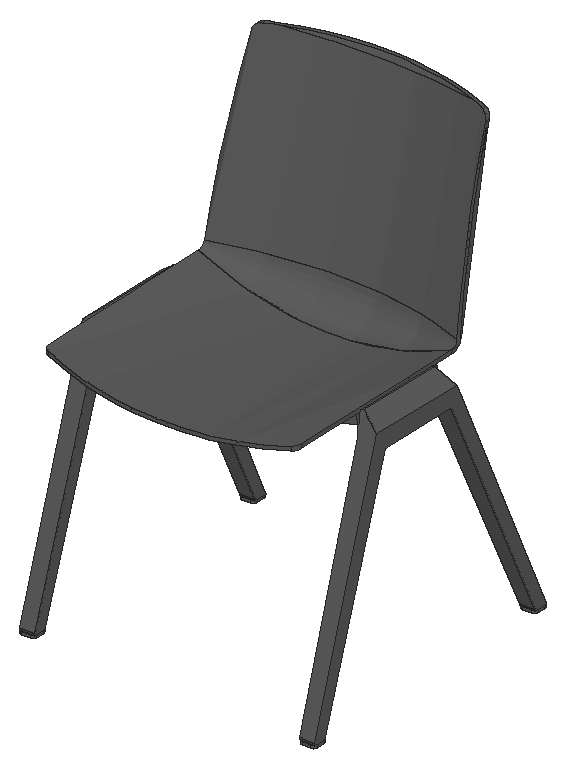
Revit family "Magnuson-Joule-Outdoor_Seating", category Furniture, Revit 2014
Parameters (values of type "Joule")
  Width = 21"
  URL = "www.magnusongroup.com"
  Type Comments = "JOULE"  # constant formula
  Seat Finish = MAG - Plastic Black
  Salvage or Reuse = yes
  Percentage of Recycled Content = 0
  Model = "Joule"
  Manufacturer = "MAGNUSON"  # constant formula
  Low Emitting Material = yes
  Low Emitting Finish = yes
  Keynote = "12500"
  Height = 31 3/4"
  Glide Finish = MAG - Plastic Black
  Description = "Outdoor Seating"
  Depth = 20"
  Base Finish = MAG - Plastic Black
  Assembly Code = "E2020200"
Reference planes (in)
  plane 1 "Center Front/Back": y = 0
  plane 2: z = 0
  plane 3 "Center Left/Right": x = 0
  plane 4: x = -10.34494
  plane 5: x = 10.34494
  plane 6: y = 10.54488
  plane 7: y = -10.54488
  plane 8: z = 31.24238
  plane 9: y = 3.97707
  plane 10: through (0, 33.01978, 43.05699) normal (0, 0.3453, 0.9385)
Forms (in)
  Sweep 1, solid, material "MAG - Plastic Black" <- "Seat Finish"
    path origin (0, 0, 0) x (0, 1, 0) y (0, 0, 1)
      loop
        line (11.14429, 34.03905) -> (9.93575, 30.75433)
        arc (9.93575, 30.75433) -> (8.05296, 24.6913) -> (6.80306, 18.46692) r 61.7103
        arc (6.80306, 18.46692) -> (5.8794, 16.7871) -> (4.0826, 16.11893) r 2.75
    profile origin (0, 10.54002, 32.39669) x (0, 0.938493, -0.345298) y (1, 0, 0)
      loop
        line (-2.05532, 8.99451) -> (-2.33219, 8.99451)
        arc (-2.33219, 8.99451) -> (-0.28752, 0) -> (-2.33219, -8.99451) r 20.80578
        line (-2.33219, -8.99451) -> (-2.05532, -8.99451)
        arc (-2.05532, -8.99451) -> (-0.03752, 0) -> (-2.05532, 8.99451) r 21.05578
  Blend 2, solid, material "MAG - Plastic Black" <- "Seat Finish"
    base sketch origin (0, 0, 0) x (1, 0, 0) y (0, 0, 1)
      loop
        arc (-8.99451, 18.17425) -> (0, 16.15645) -> (8.99451, 18.17425) r 21.05578
        line (8.99451, 18.17425) -> (8.99451, 18.45111)
        arc (8.99451, 18.45111) -> (0, 16.40645) -> (-8.99451, 18.45111) r 20.80578
        line (-8.99451, 18.45111) -> (-8.99451, 18.17425)
    top sketch origin (0, 0, 0) x (1, 0, 0) y (0, 0, 1)
      loop
        arc (-8.99451, 17.96342) -> (0, 17.18337) -> (8.99451, 17.96342) r 52.24657
        line (8.99451, 17.96342) -> (8.99451, 18.21722)
        arc (8.99451, 18.21722) -> (0, 17.43337) -> (-8.99451, 18.21722) r 51.99657
        line (-8.99451, 18.21722) -> (-8.99451, 17.96342)
    from -4.0826 to 12
  Extrusion 3, void
    sketch origin (0, 0, 0) x (1, 0, 0) y (0, 0, 1)
      loop
        line (-8.84999, 15.6965) -> (-8.84999, 18.3374) -> (-8.16704, 30.7391)
        arc (-8.16704, 30.7391) -> (-8.01295, 31.07337) -> (-7.67181, 31.21159) r 0.5
        arc (-7.67181, 31.21159) -> (0, 31.24238) -> (7.67181, 31.21159) r 955.86472
        arc (7.67181, 31.21159) -> (8.01295, 31.07337) -> (8.16704, 30.7391) r 0.5
        line (8.16704, 30.7391) -> (8.84999, 18.3374) -> (8.84999, 15.6965) -> (9.50355, 15.6965) -> (9.50355, 35.09952) -> (-9.50355, 35.09952) -> (-9.50355, 15.6965) -> (-8.84999, 15.6965)
    from -11.42665 to 12.25
  Extrusion 4, void
    sketch origin (0, 0, 0) x (1, 0, 0) y (0, 1, 0)
      loop
        arc (-8.45505, -9.47345) -> (-8.73357, -9.29416) -> (-8.84999, -8.98406) r 0.52673
        line (-8.84999, -8.98406) -> (-8.84999, -12.23406) -> (8.84999, -12.23406) -> (8.84999, -8.98406)
        arc (8.84999, -8.98406) -> (8.73357, -9.29416) -> (8.45505, -9.47345) r 0.52673
        arc (8.45505, -9.47345) -> (0, -10.54488) -> (-8.45505, -9.47345) r 33.89669
    from 16.71246 to 18.57479
  Extrusion 5, solid, material "MAG - Plastic Black" <- "Base Finish"
    sketch origin (0, 0, 0) x (1, 0, 0) y (0, 0, 1)
      loop
        line (-9.09113, 18.19263) -> (-10.29359, 17.25316) -> (-10.29359, 0.158) -> (-9.27238, 0.158) -> (-9.07442, 16.67633) -> (-8.84999, 17.97028) -> (-8.8994, 18.15471) -> (-9.09113, 18.19263)
      loop
        line (9.09113, 18.19263) -> (8.8994, 18.15471) -> (8.84999, 17.97028) -> (9.07442, 16.67633) -> (9.27238, 0.158) -> (10.29359, 0.158) -> (10.29359, 17.25316) -> (9.09113, 18.19263)
    from -10.54488 to 9.84715
  Extrusion 6, void
    sketch origin (0, 0, 0) x (0, 1, 0) y (0, 0, 1)
      loop
        arc (10.43848, 0.25799) -> (10.45974, 0.16257) -> (10.44056, 0.0667) r 0.23632
        line (10.44056, 0.0667) -> (10.44056, -0.1231) -> (10.85044, -0.1231) -> (10.85044, 18.6269) -> (-10.14956, 18.6269) -> (-10.14956, -0.1231) -> (-9.62319, -0.1231) -> (-9.62319, 0.12494)
        arc (-9.62319, 0.12494) -> (-9.68121, 0.20685) -> (-9.68103, 0.30723) r 0.16501
        line (-9.68103, 0.30723) -> (-3.93602, 18.19263) -> (2.26524, 18.19263) -> (10.43848, 0.25799)
      loop
        line (-3.5938, 16.07042) -> (-8.80336, 0.27851)
        arc (-8.80336, 0.27851) -> (-8.86615, 0.18454) -> (-8.96835, 0.13629) r 0.21158
        line (-8.96835, 0.13629) -> (-8.96835, -0.1231) -> (9.70485, -0.1231) -> (9.70485, 0.11936)
        arc (9.70485, 0.11936) -> (9.57866, 0.15338) -> (9.49196, 0.25118) r 0.22769
        line (9.49196, 0.25118) -> (2.1562, 16.07042) -> (-3.5938, 16.07042)
    from -11.7558 to 12
  Blend 7, solid, material "MAG - Plastic Black" <- "Base Finish"
    base sketch origin (0, 0, 0) x (1, 0, 0) y (0, 0, 1)
      loop
        arc (8.78385, 18.35157) -> (0, 16.16013) -> (-8.78385, 18.35157) r 18.69971
        line (-8.78385, 18.35157) -> (-9.00469, 17.07835)
        arc (-9.00469, 17.07835) -> (0, 15.15645) -> (9.00469, 17.07835) r 22.05578
        line (9.00469, 17.07835) -> (8.78385, 18.35157)
    top sketch origin (0, 0, 0) x (1, 0, 0) y (0, 0, 1)
      loop
        arc (8.87396, 17.83206) -> (-0.00092, 17.0584) -> (-8.87761, 17.81104) r 51.99657
        line (-8.87761, 17.81104) -> (-8.94479, 17.42367)
        arc (-8.94479, 17.42367) -> (-0.00099, 16.67849) -> (8.94092, 17.44601) r 53.24657
        line (8.94092, 17.44601) -> (8.87396, 17.83206)
    from -5.50599 to 7.39155
  Extrusion 8, void
    sketch origin (0, 0, 0) x (1, 0, 0) y (0, 1, 0)
      loop
        arc (-9.5756, 2.33161) -> (0, 4.75965) -> (9.5756, 2.33161) r 20.09599
        line (9.5756, 2.33161) -> (9.5756, 5.83161) -> (-9.5756, 5.83161) -> (-9.5756, 2.33161)
      loop
        line (-9.5756, -4.19633) -> (-9.5756, -7.91532) -> (9.5756, -7.91532) -> (9.5756, -4.19633) -> (5.81721, -4.3933) -> (5.7527, -6.24051)
        arc (5.7527, -6.24051) -> (5.62969, -6.55186) -> (5.33781, -6.71581) r 0.5
        arc (5.33781, -6.71581) -> (0, -7.17176) -> (-5.33781, -6.71581) r 31.47316
        arc (-5.33781, -6.71581) -> (-5.62969, -6.55186) -> (-5.7527, -6.24051) r 0.5
        line (-5.7527, -6.24051) -> (-5.81721, -4.3933) -> (-9.5756, -4.19633)
    from 13.55801 to 19.2228
  Extrusion 9, solid, material "MAG - Plastic Black" <- "Glide Finish"
    sketch origin (0, 0, 0) x (1, 0, 0) y (0, 1, 0)
      loop
        line (-10.34494, 10.29488) -> (-10.34494, 9.7154)
        arc (-10.34494, 9.7154) -> (-10.27172, 9.53863) -> (-10.09494, 9.4654) r 0.25
        line (-10.09494, 9.4654) -> (-9.49828, 9.4654)
        arc (-9.49828, 9.4654) -> (-9.32151, 9.53863) -> (-9.24828, 9.7154) r 0.25
        line (-9.24828, 9.7154) -> (-9.24828, 10.29488)
        arc (-9.24828, 10.29488) -> (-9.32151, 10.47166) -> (-9.49828, 10.54488) r 0.25
        line (-9.49828, 10.54488) -> (-10.09494, 10.54488)
        arc (-10.09494, 10.54488) -> (-10.27172, 10.47166) -> (-10.34494, 10.29488) r 0.25
      loop
        arc (10.34494, 10.29488) -> (10.27172, 10.47166) -> (10.09494, 10.54488) r 0.25
        line (10.09494, 10.54488) -> (9.49828, 10.54488)
        arc (9.49828, 10.54488) -> (9.32151, 10.47166) -> (9.24828, 10.29488) r 0.25
        line (9.24828, 10.29488) -> (9.24828, 9.7154)
        arc (9.24828, 9.7154) -> (9.32151, 9.53863) -> (9.49828, 9.4654) r 0.25
        line (9.49828, 9.4654) -> (10.09494, 9.4654)
        arc (10.09494, 9.4654) -> (10.27172, 9.53863) -> (10.34494, 9.7154) r 0.25
        line (10.34494, 9.7154) -> (10.34494, 10.29488)
      loop
        line (-10.34494, -8.93273) -> (-10.34494, -9.51222)
        arc (-10.34494, -9.51222) -> (-10.27172, -9.68899) -> (-10.09494, -9.76222) r 0.25
        line (-10.09494, -9.76222) -> (-9.49828, -9.76222)
        arc (-9.49828, -9.76222) -> (-9.32151, -9.68899) -> (-9.24828, -9.51222) r 0.25
        line (-9.24828, -9.51222) -> (-9.24828, -8.93273)
        arc (-9.24828, -8.93273) -> (-9.32151, -8.75596) -> (-9.49828, -8.68273) r 0.25
        line (-9.49828, -8.68273) -> (-10.09494, -8.68273)
        arc (-10.09494, -8.68273) -> (-10.27172, -8.75596) -> (-10.34494, -8.93273) r 0.25
      loop
        arc (10.34494, -8.93273) -> (10.27172, -8.75596) -> (10.09494, -8.68273) r 0.25
        line (10.09494, -8.68273) -> (9.49828, -8.68273)
        arc (9.49828, -8.68273) -> (9.32151, -8.75596) -> (9.24828, -8.93273) r 0.25
        line (9.24828, -8.93273) -> (9.24828, -9.51222)
        arc (9.24828, -9.51222) -> (9.32151, -9.68899) -> (9.49828, -9.76222) r 0.25
        line (9.49828, -9.76222) -> (10.09494, -9.76222)
        arc (10.09494, -9.76222) -> (10.27172, -9.68899) -> (10.34494, -9.51222) r 0.25
        line (10.34494, -9.51222) -> (10.34494, -8.93273)
    from 0 to 0.158
Cuts and joins
  Extrusion 3 cuts Sweep 1
  Extrusion 3, Extrusion 4 cuts Blend 2
  Extrusion 6 cuts Extrusion 5
  Extrusion 8 cuts Blend 7
Lines and regions (in)
  symbolic lines
    curve 1: spline (-7.27214, 8.68372, 0) -> (-6.10474, 9.10517, 0) -> (-4.91312, 9.45229, 0) -> (-3.702, 9.72372, 0) -> (-2.47619, 9.91836, 0) -> (-1.24056, 10.03546, 0) -> (0, 10.07454, 0) -> (1.24056, 10.03546, 0) -> (2.47619, 9.91836, 0) -> (3.702, 9.72372, 0) -> (4.91312, 9.45229, 0) -> (6.10474, 9.10517, 0) -> (7.27214, 8.68372, 0)
    curve 2: spline (-7.67265, 8.52145, 0) -> (-7.63943, 8.53535, 0) -> (-7.60619, 8.5492, 0) -> (-7.57292, 8.563, 0) -> (-7.53963, 8.57673, 0) -> (-7.50631, 8.5904, 0) -> (-7.47297, 8.60401, 0) -> (-7.43961, 8.61757, 0) -> (-7.40622, 8.63107, 0) -> (-7.37281, 8.6445, 0) -> (-7.33938, 8.65788, 0) -> (-7.30592, 8.6712, 0) -> (-7.27243, 8.68446, 0)
    curve 3: spline (-8.1662, 8.14289, 0) -> (-8.15587, 8.17014, 0) -> (-8.13872, 8.19942, 0) -> (-8.11497, 8.23038, 0) -> (-8.08489, 8.26267, 0) -> (-8.04884, 8.29589, 0) -> (-8.00725, 8.32965, 0) -> (-7.96061, 8.36356, 0) -> (-7.90947, 8.39722, 0) -> (-7.85443, 8.43022, 0) -> (-7.79615, 8.46217, 0) -> (-7.73532, 8.4927, 0) -> (-7.67265, 8.52145, 0)
    curve 4: spline (7.27243, 8.68446, 0) -> (7.30596, 8.67118, 0) -> (7.33947, 8.65784, 0) -> (7.37295, 8.64445, 0) -> (7.4064, 8.63099, 0) -> (7.43984, 8.61748, 0) -> (7.47325, 8.6039, 0) -> (7.50663, 8.59027, 0) -> (7.53999, 8.57658, 0) -> (7.57333, 8.56283, 0) -> (7.60664, 8.54902, 0) -> (7.63992, 8.53515, 0) -> (7.67319, 8.52122, 0)
    curve 5: spline (7.67319, 8.52122, 0) -> (7.73586, 8.49281, 0) -> (7.79667, 8.46258, 0) -> (7.85492, 8.43088, 0) -> (7.90991, 8.39809, 0) -> (7.96099, 8.36459, 0) -> (8.00757, 8.33078, 0) -> (8.0491, 8.29705, 0) -> (8.08508, 8.26381, 0) -> (8.11509, 8.23144, 0) -> (8.13877, 8.20033, 0) -> (8.15586, 8.17085, 0) -> (8.16614, 8.14333, 0)
    curve 6: spline (8.16614, 8.14333, 0) -> (8.21974, 7.78095, 0) -> (8.27366, 7.43425, 0) -> (8.32788, 7.10331, 0) -> (8.38238, 6.78823, 0) -> (8.43715, 6.48909, 0) -> (8.49218, 6.20596, 0) -> (8.54745, 5.93892, 0) -> (8.60295, 5.68803, 0) -> (8.65867, 5.45336, 0) -> (8.71458, 5.23497, 0) -> (8.77068, 5.03291, 0) -> (8.82695, 4.84724, 0)
    curve 7: spline (-8.82695, 4.84724, 0) -> (-8.77069, 5.03289, 0) -> (-8.71459, 5.23493, 0) -> (-8.65868, 5.45329, 0) -> (-8.60298, 5.68793, 0) -> (-8.54748, 5.93879, 0) -> (-8.49222, 6.2058, 0) -> (-8.43719, 6.48889, 0) -> (-8.38242, 6.78799, 0) -> (-8.32793, 7.10302, 0) -> (-8.27372, 7.43391, 0) -> (-8.2198, 7.78056, 0) -> (-8.1662, 8.14289, 0)
    curve 8: spline (-8.16603, 7.85585, 0) -> (-8.21948, 7.49573, 0) -> (-8.27324, 7.15113, 0) -> (-8.3273, 6.82212, 0) -> (-8.38163, 6.5088, 0) -> (-8.43624, 6.21123, 0) -> (-8.49109, 5.92951, 0) -> (-8.54619, 5.66369, 0) -> (-8.60151, 5.41384, 0) -> (-8.65704, 5.18004, 0) -> (-8.71277, 4.96233, 0) -> (-8.76868, 4.76078, 0) -> (-8.82477, 4.57543, 0)
    curve 9: spline (-7.67298, 8.23517, 0) -> (-7.73539, 8.20637, 0) -> (-7.79598, 8.1758, 0) -> (-7.85404, 8.14382, 0) -> (-7.90888, 8.11079, 0) -> (-7.95986, 8.07711, 0) -> (-8.0064, 8.04316, 0) -> (-8.04793, 8.00935, 0) -> (-8.08399, 7.97607, 0) -> (-8.11414, 7.94371, 0) -> (-8.13804, 7.91265, 0) -> (-8.15541, 7.88325, 0) -> (-8.16603, 7.85585, 0)
    curve 10: spline (-5.73405, 8.94435, 0) -> (-5.89832, 8.89292, 0) -> (-6.06213, 8.84009, 0) -> (-6.22548, 8.78585, 0) -> (-6.38836, 8.73021, 0) -> (-6.55076, 8.67317, 0) -> (-6.71266, 8.61474, 0) -> (-6.87405, 8.55493, 0) -> (-7.03492, 8.49372, 0) -> (-7.19527, 8.43114, 0) -> (-7.35506, 8.36719, 0) -> (-7.5143, 8.30186, 0) -> (-7.67298, 8.23517, 0)
    curve 11: spline (5.7344, 8.94431, 0) -> (4.80064, 9.20696, 0) -> (3.85494, 9.42275, 0) -> (2.89967, 9.59115, 0) -> (1.93718, 9.71174, 0) -> (0.96988, 9.78422, 0) -> (0.00017, 9.8084, 0) -> (-0.96954, 9.78423, 0) -> (-1.93684, 9.71178, 0) -> (-2.89933, 9.5912, 0) -> (-3.85461, 9.42282, 0) -> (-4.80031, 9.20705, 0) -> (-5.73408, 8.94441, 0)
    curve 12: spline (7.67171, 8.23571, 0) -> (7.51317, 8.30233, 0) -> (7.35405, 8.3676, 0) -> (7.19439, 8.43149, 0) -> (7.03417, 8.49401, 0) -> (6.87343, 8.55516, 0) -> (6.71217, 8.61492, 0) -> (6.55041, 8.6733, 0) -> (6.38814, 8.73029, 0) -> (6.2254, 8.78588, 0) -> (6.06218, 8.84007, 0) -> (5.8985, 8.89286, 0) -> (5.73438, 8.94425, 0)
    curve 13: spline (8.16617, 7.85492, 0) -> (8.15569, 7.88222, 0) -> (8.13841, 7.91158, 0) -> (8.11454, 7.94266, 0) -> (8.08435, 7.97508, 0) -> (8.04821, 8.00847, 0) -> (8.00653, 8.04242, 0) -> (7.95982, 8.07654, 0) -> (7.90862, 8.11042, 0) -> (7.85354, 8.14366, 0) -> (7.79523, 8.17588, 0) -> (7.73438, 8.20668, 0) -> (7.67171, 8.23571, 0)
    curve 14: spline (8.82477, 4.57543, 0) -> (8.7687, 4.76074, 0) -> (8.71279, 4.96224, 0) -> (8.65708, 5.17989, 0) -> (8.60156, 5.41364, 0) -> (8.54625, 5.66341, 0) -> (8.49116, 5.92916, 0) -> (8.43632, 6.2108, 0) -> (8.38173, 6.50828, 0) -> (8.3274, 6.82151, 0) -> (8.27336, 7.15041, 0) -> (8.21961, 7.49491, 0) -> (8.16617, 7.85492, 0)
    curve 15: spline (8.84757, 4.0826, 0) -> (8.84738, 4.14079, 0) -> (8.84682, 4.19819, 0) -> (8.8459, 4.25401, 0) -> (8.84462, 4.30751, 0) -> (8.84302, 4.35795, 0) -> (8.8411, 4.40465, 0) -> (8.83889, 4.44698, 0) -> (8.83643, 4.48436, 0) -> (8.83375, 4.51628, 0) -> (8.83088, 4.54233, 0) -> (8.82787, 4.56213, 0) -> (8.82475, 4.57542, 0)
    curve 16: spline (8.82694, 4.84724, 0) -> (8.8291, 4.8394, 0) -> (8.83123, 4.82956, 0) -> (8.83333, 4.81774, 0) -> (8.8354, 4.80396, 0) -> (8.83742, 4.78828, 0) -> (8.8394, 4.77072, 0) -> (8.84132, 4.75134, 0) -> (8.84319, 4.73019, 0) -> (8.84499, 4.70731, 0) -> (8.84673, 4.68278, 0) -> (8.8484, 4.65666, 0) -> (8.84999, 4.62902, 0)
    curve 17: line (8.84999, 4.62902, 0) -> (8.84999, 4.0826, 0)
    curve 18: spline (-8.84999, 4.62902, 0) -> (-8.8484, 4.65666, 0) -> (-8.84673, 4.68278, 0) -> (-8.84499, 4.70731, 0) -> (-8.84319, 4.73019, 0) -> (-8.84132, 4.75134, 0) -> (-8.8394, 4.77072, 0) -> (-8.83742, 4.78828, 0) -> (-8.8354, 4.80396, 0) -> (-8.83333, 4.81774, 0) -> (-8.83123, 4.82956, 0) -> (-8.8291, 4.8394, 0) -> (-8.82694, 4.84724, 0)
    curve 19: line (-8.84999, 4.0826, 0) -> (-8.84999, 4.62902, 0)
    curve 20: spline (-8.82475, 4.57542, 0) -> (-8.82787, 4.56212, 0) -> (-8.83089, 4.5423, 0) -> (-8.83376, 4.51624, 0) -> (-8.83644, 4.48428, 0) -> (-8.8389, 4.44687, 0) -> (-8.8411, 4.4045, 0) -> (-8.84302, 4.35776, 0) -> (-8.84463, 4.30728, 0) -> (-8.8459, 4.25374, 0) -> (-8.84682, 4.19788, 0) -> (-8.84738, 4.14044, 0) -> (-8.84757, 4.08222, 0)
    curve 21: line (-8.84757, 4.08222, 0) -> (-8.84757, -9.01786, 0)
    curve 22: line (8.84999, 4.0826, 0) -> (8.84999, -8.98406, 0)
    curve 23: arc (8.45505, -9.47345, 0) -> (0, -10.54488, 0) -> (-8.45505, -9.47345, 0) r 33.89669
    curve 24: arc (8.84999, -8.98406, 0) -> (8.73357, -9.29416, 0) -> (8.45505, -9.47345, 0) r 0.52673
    curve 25: arc (-8.45505, -9.47345, 0) -> (-8.72272, -9.30718, 0) -> (-8.84757, -9.01786, 0) r 0.52673
    curve 26: line (-10.29359, 10.45975, 0) -> (-9.27174, 10.45975, 0)
    curve 27: line (-9.27174, 10.45975, 0) -> (-9.07442, 2.95626, 0)
    curve 28: line (-9.07442, 2.95626, 0) -> (-8.84999, 2.36658, 0)
    curve 29: line (-8.84999, 2.36658, 0) -> (-8.8994, 2.28253, 0)
    curve 30: line (-8.8994, 2.28253, 0) -> (-9.09113, 2.26524, 0)
    curve 31: line (-9.09113, 2.26524, 0) -> (-10.29359, 2.69338, 0)
    curve 32: line (-10.29359, 10.45975, 0) -> (-10.29359, -9.68894, 0)
    curve 33: line (-10.29359, -4.23779, 0) -> (-9.09113, -3.93602, 0)
    curve 34: line (-9.09113, 2.26524, 0) -> (-9.09113, -3.93602, 0)
    curve 35: line (-9.09113, -3.93602, 0) -> (-8.8994, -3.9482, 0)
    curve 36: line (-8.8994, -3.9482, 0) -> (-8.84999, -4.00744, 0)
    curve 37: line (-8.84999, -4.00744, 0) -> (-9.07442, -4.42308, 0)
    curve 38: line (-9.07442, -4.42308, 0) -> (-9.27089, -9.68894, 0)
    curve 39: line (-10.29359, -9.68894, 0) -> (-9.27089, -9.68894, 0)
    curve 40: line (-10.09494, -9.76222, 0) -> (-9.49828, -9.76222, 0)
    curve 41: arc (-10.34494, -9.51222, 0) -> (-10.27172, -9.68899, 0) -> (-10.09494, -9.76222, 0) r 0.25
    curve 42: arc (-10.29359, -8.78095, 0) -> (-10.33176, -8.85262, 0) -> (-10.34494, -8.93273, 0) r 0.25
    curve 43: arc (-9.49828, -9.76222, 0) -> (-9.40258, -9.74317, 0) -> (-9.32145, -9.68894, 0) r 0.25
    curve 44: arc (-9.26792, -9.60933, 0) -> (-9.25324, -9.56176, 0) -> (-9.24828, -9.51222, 0) r 0.25
    curve 45: line (-9.24828, -9.51222, 0) -> (-9.24828, -9.08306, 0)
    curve 46: arc (-10.09494, 10.54488, 0) -> (-10.1981, 10.52261, 0) -> (-10.28288, 10.45975, 0) r 0.25
    curve 47: line (-9.49828, 10.54488, 0) -> (-10.09494, 10.54488, 0)
    curve 48: arc (-9.31034, 10.45975, 0) -> (-9.39512, 10.52261, 0) -> (-9.49828, 10.54488, 0) r 0.25
    curve 49: arc (-9.24828, 10.29488, 0) -> (-9.2538, 10.3471, 0) -> (-9.27009, 10.39701, 0) r 0.25
    curve 50: line (-9.24828, 9.7154, 0) -> (-9.24828, 10.29488, 0)
    curve 51: arc (-10.29359, 10.44667, 0) -> (-10.33176, 10.375, 0) -> (-10.34494, 10.29488, 0) r 0.25
    curve 52: line (-10.34494, 10.29488, 0) -> (-10.34494, 9.7154, 0)
    curve 53: arc (-10.34494, 9.7154, 0) -> (-10.33176, 9.63528, 0) -> (-10.29359, 9.56362, 0) r 0.25
    curve 54: line (10.29359, -9.68894, 0) -> (10.29359, 10.45975, 0)
    curve 55: line (9.09113, -3.93602, 0) -> (10.29359, -4.23779, 0)
    curve 56: line (8.8994, -3.9482, 0) -> (9.09113, -3.93602, 0)
    curve 57: line (8.84999, -4.00744, 0) -> (8.8994, -3.9482, 0)
    curve 58: line (9.07442, -4.42308, 0) -> (8.84999, -4.00744, 0)
    curve 59: line (9.27059, -9.68103, 0) -> (9.07442, -4.42308, 0)
    curve 60: line (9.09113, 2.26524, 0) -> (9.09113, -3.93602, 0)
    curve 61: line (8.8994, 2.28253, 0) -> (8.84999, 2.36658, 0)
    curve 62: line (10.29359, 2.69338, 0) -> (9.09113, 2.26524, 0)
    curve 63: line (9.09113, 2.26524, 0) -> (8.8994, 2.28253, 0)
    curve 64: line (8.84999, 2.36658, 0) -> (9.07442, 2.95626, 0)
    curve 65: line (9.07442, 2.95626, 0) -> (9.27118, 10.43848, 0)
    curve 66: line (9.27238, 10.45975, 0) -> (10.29359, 10.45975, 0)
    curve 67: line (9.26483, -9.68894, 0) -> (10.29359, -9.68894, 0)
    curve 68: line (9.24828, 10.29488, 0) -> (9.24828, 9.7154, 0)
    curve 69: arc (9.27009, 10.39701, 0) -> (9.2538, 10.3471, 0) -> (9.24828, 10.29488, 0) r 0.25
    curve 70: arc (9.49828, 10.54488, 0) -> (9.39512, 10.52261, 0) -> (9.31034, 10.45975, 0) r 0.25
    curve 71: line (10.09494, 10.54488, 0) -> (9.49828, 10.54488, 0)
    curve 72: arc (10.28288, 10.45975, 0) -> (10.1981, 10.52261, 0) -> (10.09494, 10.54488, 0) r 0.25
    curve 73: arc (10.34494, 10.29488, 0) -> (10.33176, 10.375, 0) -> (10.29359, 10.44667, 0) r 0.25
    curve 74: line (10.34494, 9.7154, 0) -> (10.34494, 10.29488, 0)
    curve 75: arc (10.29359, 9.56362, 0) -> (10.33176, 9.63528, 0) -> (10.34494, 9.7154, 0) r 0.25
    curve 76: arc (9.32145, -9.68894, 0) -> (9.40258, -9.74317, 0) -> (9.49828, -9.76222, 0) r 0.25
    curve 77: line (9.49828, -9.76222, 0) -> (10.09494, -9.76222, 0)
    curve 78: arc (10.09494, -9.76222, 0) -> (10.19065, -9.74317, 0) -> (10.27177, -9.68894, 0) r 0.25
    curve 79: arc (10.29359, -9.664, 0) -> (10.33176, -9.59233, 0) -> (10.34494, -9.51222, 0) r 0.25
    curve 80: line (10.34494, -9.51222, 0) -> (10.34494, -8.93273, 0)
    curve 81: arc (10.34494, -8.93273, 0) -> (10.33176, -8.85262, 0) -> (10.29359, -8.78095, 0) r 0.25
    curve 82: arc (9.24828, -9.51222, 0) -> (9.25324, -9.56176, 0) -> (9.26792, -9.60933, 0) r 0.25
    curve 83: line (9.24828, -8.93273, 0) -> (9.24828, -9.51222, 0)
  symbolic lines, style "FurnitureHiddenLines", detail levels fine
    curve 84: arc (-8.99136, 2.63598, 0) -> (-0.00048, 4.75965, 0) -> (8.9905, 2.63641, 0) r 20.09599
    curve 85: line (-5.81721, -4.3933, 0) -> (-8.95948, -4.22862, 0)
    curve 86: line (-5.7527, -6.24051, 0) -> (-5.81721, -4.3933, 0)
    curve 87: arc (5.33781, -6.71581, 0) -> (0, -7.17176, 0) -> (-5.33781, -6.71581, 0) r 31.47316
    curve 88: arc (-5.33781, -6.71581, 0) -> (-5.62969, -6.55186, 0) -> (-5.7527, -6.24051, 0) r 0.5
    curve 89: arc (5.7527, -6.24051, 0) -> (5.62969, -6.55186, 0) -> (5.33781, -6.71581, 0) r 0.5
    curve 90: line (5.81721, -4.3933, 0) -> (5.7527, -6.24051, 0)
    curve 91: line (8.95656, -4.22878, 0) -> (5.81721, -4.3933, 0)
Dimensions and locks (in)
  plane 4 to plane 5 = 20.68988"
  plane 6 to plane 7 = 21.08977"
  plane 8 to plane 2 = 31.24238"
  aligned and locked: level to plane 2
  aligned and locked: curve 46 to Extrusion 9
  aligned and locked: curve 47 to Extrusion 9
  aligned and locked: curve 48 to Extrusion 9
  aligned and locked: curve 52 to Extrusion 9
  aligned and locked: curve 54 to cut or joined group of Extrusion 5, Extrusion 6
  aligned and locked: curve 55 to cut or joined group of Extrusion 5, Extrusion 6
  aligned and locked: curve 56 to cut or joined group of Extrusion 5, Extrusion 6
  aligned and locked: curve 57 to cut or joined group of Extrusion 5, Extrusion 6
  aligned and locked: curve 58 to cut or joined group of Extrusion 5, Extrusion 6
  aligned and locked: curve 59 to cut or joined group of Extrusion 5, Extrusion 6
  aligned and locked: curve 60 to cut or joined group of Extrusion 5, Extrusion 6
  aligned and locked: curve 61 to cut or joined group of Extrusion 5, Extrusion 6
  aligned and locked: curve 62 to cut or joined group of Extrusion 5, Extrusion 6
  aligned and locked: curve 63 to cut or joined group of Extrusion 5, Extrusion 6
  aligned and locked: curve 64 to cut or joined group of Extrusion 5, Extrusion 6
  aligned and locked: curve 65 to cut or joined group of Extrusion 5, Extrusion 6
  aligned and locked: curve 66 to cut or joined group of Extrusion 5, Extrusion 6
  aligned and locked: curve 68 to Extrusion 9
  aligned and locked: curve 69 to Extrusion 9
